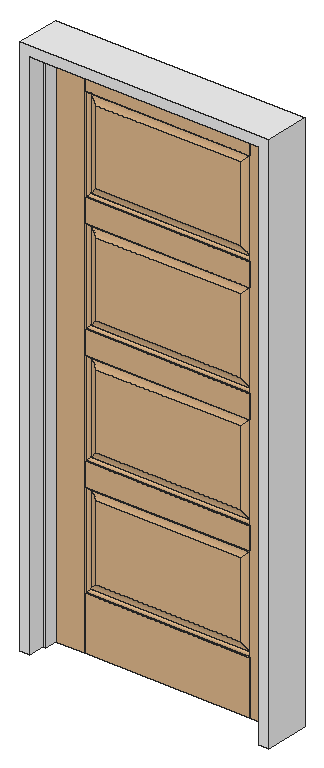
Revit family
Parameters (values of type "1 3/4" Raised Panel")
  URL = "http://www.karonadoor.com"
  Thickness Note = "Do not edit thickness."  # constant formula
  Thickness = 1.774"
  Swing Angle 2D = 90.00°
  SmartBIM Object Version = 1  # constant formula
  SmartBIM Object Created By = "Reed Construction Data"  # constant formula
  Rough Width = 0.000"
  Rough Height = 1.750"
  Panel = Panel_K3040_Karona : 1 3/4" - Raised Panel
  Model = "K3040 Ovolo"  # constant formula
  Manufacturer = "Karona , Inc."  # constant formula
  Detail Door Thickness = 1.750"
  Assembly Code = ""
  Top Rail Height = 5.000"
  Top Rail = Wood, Cherry - Grain Horizontal
  Stile Width = 5.063"
  Stile = Wood, Cherry - Grain Vertical
  Sticking = Wood, Cherry - Grain Vertical
  Middle Rail = Wood, Cherry - Grain Horizontal
  Height = 84.000"
  Wall Closure = (empty or 0)
  Width = 36.000"
  Frame = Metal
  Bottom Rail Height = 8.500"
  Bottom Rail = Wood, Cherry - Grain Horizontal
  95 CSI = "08210"  # constant formula
  04 CSI = "08 14 33"  # constant formula
Types (9): name | Thickness | Rough Height | Panel | Detail Door Thickness
  1 3/4" Flat Panel | 1.774" | 1.750" | Panel_K3040_Karona : 1 3/4" - Flat Panel | 1.750"
  1 3/8" Flat Panel | 1.334" | 0.000" | Panel_K3040_Karona : 1 3/8" - Flat Panel | 1.375"
  2 1/4" Flat Panel | 2.250" | 0.000" | Panel_K3040_Karona : 2 1/4" - Flat Panel | 2.250"
  1 3/4" Glass Panel | 1.774" | 1.750" | Panel_K3040_Karona : 1 3/4" - Glass Panel | 1.750"
  1 3/8" Glass Panel | 1.334" | 0.000" | Panel_K3040_Karona : 1 3/8" - Glass Panel | 1.375"
  2 1/4" Glass Panel | 2.250" | 0.000" | Panel_K3040_Karona : 2 1/4" - Glass | 2.250"
  1 3/4" Raised Panel | 1.774" | 1.750" | Panel_K3040_Karona : 1 3/4" - Raised Panel | 1.750"
  1 3/8" Raised Panel | 1.334" | 0.000" | Panel_K3040_Karona : 1 3/8" - Raised Panel | 1.375"
  2 1/4" Raised Panel | 2.250" | 0.000" | Panel_K3040_Karona : 2 1/4" - Raised Panel | 2.250"
Reference planes (in)
  plane 1 "Center (Front/Back)": y = 0
  plane 2 "Center (Left/Right)": x = 0
  plane 3 "Left": x = -18
  plane 4 "Right": x = 18
  plane 5 "Top": z = 84
  plane 6 "Exterior Edge of Frame": y = 3.5
  plane 7 "Interior Edge of Frame": y = -3.5
  plane 8: y = 1
  plane 9: y = -1
  plane 10 "Opening Left": x = -19.5
  plane 11 "Opening Right": x = 19.5
  plane 12 "Top of Opening": z = 85.5
  plane 13: x = -17.5
Forms (in)
  Sweep 1, solid, material "Metal" <- "Frame"
    path origin (0, 0, 0) x (1, 0, 0) y (0, 0, 1)
      loop
        line (-19.5, 0) -> (-19.5, 85.5) -> (19.5, 85.5) -> (19.5, 0)
    profile origin (-19.5, 0, 42.75) x (-1, 0, 0) y (0, -1, 0)
      loop
        line (0, -3.5) -> (0, 3.5) -> (-1.5, 3.5) -> (-1.5, 1) -> (-2, 1) -> (-2, -1) -> (-1.5, -1) -> (-1.5, -3.5) -> (0, -3.5)
Lines and regions (in)
  Opening 1
    outline origin (-90, -3, 0) x (1, 0, 0) y (0, 0, 1)
      loop
        line (70.5, 0) -> (109.5, 0) -> (109.5, 85.5) -> (70.5, 85.5) -> (70.5, 0)
  symbolic lines, style "Elevation Swing"
    curve 1: line (18, 3, 0) -> (-18, 3, 42)
    curve 2: line (-18, 3, 42) -> (18, 3, 84)
Text (in)
  text "Exterior" at (-46.13199, 20.20143, 0), in view "Ref. Level"
  text "Interior" at (-46.13199, -10.56751, 0), in view "Ref. Level"
  text "Exterior" at (0, 40.15149, 123.01588), in view "Right"
  text "Interior" at (0, -64.39139, 123.01588), in view "Right"
  text "Interior" at (0, -31.01599, 123.00693), in view "Left"
  text "Exterior" at (0, 54.57065, 123.00693), in view "Left"
Dimensions and locks (in)
  "Height": level to plane 5 "Top"
  "Width": plane 3 "Left" to plane 4 "Right"
  equal spacing: host wall, curve 2, plane 5 "Top"
  locked: host wall to plane 7 "Interior Edge of Frame" at 0.5
  locked: plane 6 "Exterior Edge of Frame" to host wall at 0.5
  locked: plane 9 to plane 7 "Interior Edge of Frame" at 2.5
  locked: plane 6 "Exterior Edge of Frame" to plane 8 at 2.5
  equal spacing: plane 3 "Left", plane 2 "Center (Left/Right)", plane 4 "Right"
  locked: plane 4 "Right" to plane 11 "Opening Right" at 1.5
  locked: plane 5 "Top" to plane 12 "Top of Opening" at 1.5
  locked: plane 3 "Left" to plane 13 at 0.5
  locked: plane 10 "Opening Left" to plane 3 "Left" at 1.5
  nested 1 to nested 1 = 1.774"
  aligned and locked: Opening 1 sketch curve to level
  aligned and locked: plane 4 "Right" to curve 1
  aligned and locked: plane 3 "Left" to curve 1
  aligned and locked: plane 5 "Top" to curve 2
  aligned and locked: Opening 1 sketch curve to plane 11 "Opening Right"
  aligned and locked: plane 12 "Top of Opening" to Opening 1 sketch curve
  aligned and locked: Opening 1 sketch curve to plane 10 "Opening Left"
  aligned and locked: plane 10 "Opening Left" to Sweep 1 sketch curve
  aligned and locked: plane 12 "Top of Opening" to Sweep 1 sketch curve
  aligned and locked: plane 11 "Opening Right" to Sweep 1 sketch curve
  aligned and locked: level to Sweep 1 sketch curve  (x2)
  aligned and locked: Sweep 1 sketch curve to plane 10 "Opening Left"
  aligned and locked: Sweep 1 sketch curve to plane 6 "Exterior Edge of Frame"
  aligned and locked: Sweep 1 sketch curve to plane 7 "Interior Edge of Frame"
  aligned and locked: Sweep 1 sketch curve to plane 8
  aligned and locked: Sweep 1 sketch curve to plane 9
  aligned and locked: plane 13 to Sweep 1 sketch curve
  aligned and locked: plane 3 "Left" to Sweep 1 sketch curve  (x2)
  aligned and locked: nested 1 to plane 2 "Center (Left/Right)"
  aligned and locked: nested 1 to plane 8
  aligned and locked: nested 2 to plane 3 "Left"
  aligned and locked: nested 2 to plane 8
  aligned and locked: nested 1 to level
Automatic sketch dimensions
  curve 1 to level = 0.000"
  curve 2 to plane 4 "Right" = 0.000"
Nested families (in)
  nested 1: "Panel_K3040_Karona" at (-13.5, 0.6591, 0) x (-1, 0, 0) z (0, 0, 1), type <- "Panel", type "1 3/4" - Raised Panel"
  nested 2: "Door Panel Plan View" at (-31.5, 1, 0) x (-1, 0, 0) z (0, 0, 1), type "Door Panel Plan View"
    with Thickness 1.750", Height 84.000"
Definition of nested family "Panel_K3040_Karona"
  Parameters (values of type "1 3/4" - Raised Panel")
    Width = 36.000"
    Top Rail Material = Wood, Cherry - Grain Horizontal
    Top Rail Height = 5.000"
    Top Panel Offset = Top Rail Height + Half Panel Height  # 12.45313"
    Thickness Note = "Do not change door thickness"  # constant formula
    Thickness = 1.774"
    Stile Width = 5.063"
    Stile Material = Wood, Cherry - Grain Vertical
    Sticking Material = Wood, Cherry - Grain Vertical
    Panel Width = (Width - (2 * Stile Width))  # 25.874"
    Panel Height = (Height - (Bottom Rail Height + Top Rail Height) - (3 * Mullion Width)) / 4  # 14.90625"
    Panel = Glass-Sticking-Assembly-Ovolo_Karona : Raised Panel
    Mullion Width = 3.625"  # constant formula
    Interior Panel = Wood, Cherry - Grain Vertical
    Height = 84.000"
    Half Panel Width = 0.5 * Panel Width  # 12.937"
    Half Panel Height = 0.5 * Panel Height  # 7.45313"
    Exterior Edge - Glass Bottom Offset = if(Thickness = 1.774", 0.567", if(Thickness = 2.250", 0.803", 0.469"))  # 0.567"
    Door Panel Material = Wood, Cherry - Grain Vertical
    Default Elevation = 0.000"  # constant formula
    Cross Rail and Panel Spacing Start = Half Panel Height + 0.5 * (3.625")  # 9.26562"
    Cross Rail Panel Height = Panel Height + 3.625"  # 18.53125"
    Bottom Rail Material = Wood, Cherry - Grain Horizontal
    Bottom Rail Height = 8.500"
    Assembly Code = ""
  Types (9): name | Thickness | Panel | Interior Panel | Exterior Edge - Glass Bottom Offset
    2 1/4" - Flat Panel | 2.250" | Glass-Sticking-Assembly-Ovolo_Karona : Flat Panel | Wood, Cherry - Grain Vertical | 0.803"
    2 1/4" - Glass | 2.250" | Glass-Sticking-Assembly-Ovolo_Karona : Glass Panel | Glass | 0.803"
    2 1/4" - Raised Panel | 2.250" | Glass-Sticking-Assembly-Ovolo_Karona : Raised Panel | Wood, Cherry - Grain Vertical | 0.803"
    1 3/4" - Raised Panel | 1.774" | Glass-Sticking-Assembly-Ovolo_Karona : Raised Panel | Wood, Cherry - Grain Vertical | 0.567"
    1 3/4" - Flat Panel | 1.774" | Glass-Sticking-Assembly-Ovolo_Karona : Flat Panel | Wood, Cherry - Grain Vertical | 0.567"
    1 3/4" - Glass Panel | 1.774" | Glass-Sticking-Assembly-Ovolo_Karona : Glass Panel | Glass | 0.567"
    1 3/8" - Raised Panel | 1.334" | Glass-Sticking-Assembly-Ovolo_Karona : Raised Panel | Wood, Cherry - Grain Vertical | 0.469"
    1 3/8" - Glass Panel | 1.334" | Glass-Sticking-Assembly-Ovolo_Karona : Glass Panel | Glass | 0.469"
    1 3/8" - Flat Panel | 1.334" | Glass-Sticking-Assembly-Ovolo_Karona : Flat Panel | Wood, Cherry - Grain Vertical | 0.469"
  Reference planes (in)
    plane 1 "Center (Front/Back)": y = 1.2279
    plane 2: z = 0
    plane 3 "Center (Left/Right)": x = -13.5
    plane 4 "Left": x = -31.5
    plane 5: x = 4.5
    plane 6 "Inner Left": x = -26.437
    plane 7 "Inner Right": x = -0.563
    plane 8: z = 8.5
    plane 9 "Bottom Of Top Rail": z = 79
    plane 10 "Top": z = 84
    plane 11 "Interior Edge of Door": y = 2.1149
    plane 12: z = 79
    plane 13 "Exterior Edge of Door": y = 0.3409
    plane 14 "Bottom of Glass": y = 0.9095
    plane 15 "Left Panel Vertical Midline": x = -13.5
    plane 16 "Right Panel Vertical Midline": x = -13.5
    plane 17 "Center of Left Vertical Mullion": x = -13.5
    plane 18 "Center of Right Vertical Mullion": x = -13.5
    plane 19 "Horizontal Midline Panel 2": z = 66.78125
    plane 20 "Horizontal Midline Panel 3": z = 45.5625
    plane 21 "Horizontal Midline Panel 4": z = 41.9375
    plane 22 "Horizontal Midline Panel 5": z = 25.21875
    plane 23 "Cross Rail 3": z = 46
    plane 24 "Cross Rail 4": z = 27.03125
    plane 25 "Cross Rail Bottom": z = 23.40625
    plane 26 "Horizontal Midline Panel 6": z = 15.95313
    plane 27: z = 71.54688
    plane 28 "Cross Rail 2": z = 60.46875
    plane 29 "Cross Rail Top": z = 64.09375
    plane 30: z = 53.01563
    plane 31: z = 34.48437
  Forms (in)
    Extrusion 1, solid, material "Wood, Cherry - Grain Horizontal" <- "Bottom Rail Material"
      sketch origin (0, -101.3125, 0) x (1, 0, 0) y (0, 0, 1)
        loop
          line (-26.437, 0) -> (-0.563, 0) -> (-0.563, 8.5) -> (-26.437, 8.5) -> (-26.437, 0)
      from -101.6534 to -103.4274
    Extrusion 2, solid, material "Wood, Cherry - Grain Vertical" <- "Stile Material"
      sketch origin (0, 1.2279, 0) x (1, 0, 0) y (0, 0, 1)
        loop
          line (-31.5, 84) -> (-31.5, 0) -> (-26.437, 0) -> (-26.437, 84) -> (-31.5, 84)
        loop
          line (-0.563, 0) -> (4.5, 0) -> (4.5, 84) -> (-0.563, 84) -> (-0.563, 0)
      from 0.887 to -0.887
    Extrusion 3, solid, material "Wood, Cherry - Grain Horizontal" <- "Top Rail Material"
      sketch origin (0, 1.2279, 0) x (1, 0, 0) y (0, 0, 1)
        loop
          line (-26.437, 84) -> (-26.437, 79) -> (-0.563, 79) -> (-0.563, 84) -> (-26.437, 84)
      from 0.887 to -0.887
    Extrusion 4, solid, material "Wood, Cherry - Grain Horizontal" <- "Top Rail Material"
      sketch origin (-1.188, 1.9165, 74.562) x (0, 0, -1) y (0, -1, 0)
        loop
          line (10.46825, -0.1984) -> (14.09325, -0.1984) -> (14.09325, 1.5756) -> (10.46825, 1.5756) -> (10.46825, -0.1984)
        loop
          line (51.15575, 1.5756) -> (47.53075, 1.5756) -> (47.53075, -0.1984) -> (51.15575, -0.1984) -> (51.15575, 1.5756)
        loop
          line (28.9995, -0.1984) -> (32.6245, -0.1984) -> (32.6245, 1.5756) -> (28.9995, 1.5756) -> (28.9995, -0.1984)
      from -0.625 to 25.249
  Text (in)
    text "EXTERIOR" at (-34.59289, -1.27941, 0), in view "Ref. Level"
    text "EXTERIOR" at (0, -9.65287, 72.76687), in view "Left"
    text "EXTERIOR" at (0, -33.33473, 96.68074), in view "Right"
  Dimensions and locks (in)
    equal spacing: plane 4 "Left", plane 3 "Center (Left/Right)", plane 5
    "Width": plane 4 "Left" to plane 5
    "Stile Width": plane 4 "Left" to plane 6 "Inner Left"
    "Stile Width": plane 5 to plane 7 "Inner Right"
    "Bottom Rail Height": plane 8 to plane 2
    "Top Rail Height": plane 10 "Top" to plane 9 "Bottom Of Top Rail"
    "Height": plane 10 "Top" to plane 2
    equal spacing: plane 11 "Interior Edge of Door", plane 1 "Center (Front/Back)", plane 13 "Exterior Edge of Door"
    "Thickness": plane 11 "Interior Edge of Door" to plane 13 "Exterior Edge of Door"
    plane 14 "Bottom of Glass" to plane 13 "Exterior Edge of Door" = 0.5686"
    plane 13 "Exterior Edge of Door" to plane 14 "Bottom of Glass" = 0.5686"
    "Half Panel Width": plane 15 "Left Panel Vertical Midline" to plane 6 "Inner Left"
    "Half Panel Width": plane 7 "Inner Right" to plane 16 "Right Panel Vertical Midline"
    equal spacing: plane 3 "Center (Left/Right)", plane 17 "Center of Left Vertical Mullion", plane 15 "Left Panel Vertical Midline"
    equal spacing: plane 16 "Right Panel Vertical Midline", plane 18 "Center of Right Vertical Mullion", plane 3 "Center (Left/Right)"
    "Half Panel Height": plane 26 "Horizontal Midline Panel 6" to plane 8
    "Half Panel Height": plane 31 to plane 24 "Cross Rail 4"
    "Half Panel Height": plane 30 to plane 20 "Horizontal Midline Panel 3"
    "Mullion Width": plane 20 "Horizontal Midline Panel 3" to plane 21 "Horizontal Midline Panel 4"
    "Mullion Width": plane 29 "Cross Rail Top" to plane 28 "Cross Rail 2"
    "Mullion Width": plane 24 "Cross Rail 4" to plane 25 "Cross Rail Bottom"
    "Half Panel Height": plane 27 to plane 29 "Cross Rail Top"
    "Thickness": Extrusion 4 sketch curve to Extrusion 4 sketch curve  (x3)
    "Mullion Width": Extrusion 4 sketch curve to Extrusion 4 sketch curve  (x3)
    "Panel Width": Extrusion 4 to Extrusion 4
    equal spacing: plane 12, plane 27, plane 29 "Cross Rail Top"
    equal spacing: plane 28 "Cross Rail 2", plane 30, plane 20 "Horizontal Midline Panel 3"
    equal spacing: plane 21 "Horizontal Midline Panel 4", plane 31, plane 24 "Cross Rail 4"
    plane 25 "Cross Rail Bottom" to plane 26 "Horizontal Midline Panel 6" to plane 8 = 7.45312", 7.45313"
    equal spacing: plane 19 "Horizontal Midline Panel 2", plane 23 "Cross Rail 3", plane 22 "Horizontal Midline Panel 5"
    equal spacing: plane 24 "Cross Rail 4", plane 22 "Horizontal Midline Panel 5", plane 25 "Cross Rail Bottom"
    aligned and locked: Extrusion 1 to plane 2
    aligned and locked: plane 4 "Left" to Extrusion 2 sketch curve
    aligned and locked: Extrusion 2 sketch curve to plane 10 "Top"
    aligned and locked: Extrusion 2 sketch curve to Extrusion 1  (x3)
    aligned and locked: Extrusion 1 to Extrusion 2 sketch curve
    aligned and locked: plane 10 "Top" to Extrusion 2 sketch curve
    aligned and locked: plane 5 to Extrusion 2 sketch curve
    aligned and locked: Extrusion 2 to Extrusion 3 sketch curve
    aligned and locked: Extrusion 3 sketch curve to Extrusion 2
    aligned and locked: plane 12 to plane 9 "Bottom Of Top Rail"
    aligned and locked: level to plane 2
    aligned and locked: Extrusion 3 to plane 12  (x2)
    aligned and locked: Extrusion 1 to Extrusion 2
    aligned and locked: nested 1 to plane 16 "Right Panel Vertical Midline"
    aligned and locked: plane 16 "Right Panel Vertical Midline" to nested 4
    aligned and locked: plane 16 "Right Panel Vertical Midline" to nested 3
    aligned and locked: plane 16 "Right Panel Vertical Midline" to nested 2
    aligned and locked: plane 8 to Extrusion 1  (x2)
    aligned and locked: nested 1 to plane 1 "Center (Front/Back)"
    aligned and locked: nested 2 to plane 1 "Center (Front/Back)"
    aligned and locked: nested 3 to plane 1 "Center (Front/Back)"
    aligned and locked: plane 11 "Interior Edge of Door" to Extrusion 3
    aligned and locked: Extrusion 3 to plane 13 "Exterior Edge of Door"
    aligned and locked: Extrusion 2 to plane 13 "Exterior Edge of Door"
    aligned and locked: plane 11 "Interior Edge of Door" to Extrusion 2
    aligned and locked: plane 29 "Cross Rail Top" to Extrusion 4 sketch curve
    aligned and locked: Extrusion 4 sketch curve to plane 13 "Exterior Edge of Door"
    aligned and locked: Extrusion 4 sketch curve to plane 21 "Horizontal Midline Panel 4"
    aligned and locked: Extrusion 4 sketch curve to plane 25 "Cross Rail Bottom"
    aligned and locked: Extrusion 4 to plane 6 "Inner Left"
    aligned and locked: plane 7 "Inner Right" to Extrusion 4
    aligned and locked: plane 28 "Cross Rail 2" to Extrusion 4
    aligned and locked: Extrusion 1 to plane 13 "Exterior Edge of Door"
    aligned and locked: plane 11 "Interior Edge of Door" to Extrusion 1
    aligned and locked: plane 27 to nested 4
    aligned and locked: plane 30 to nested 2
    aligned and locked: plane 31 to nested 3
    aligned and locked: plane 26 "Horizontal Midline Panel 6" to nested 1
    aligned and locked: plane 3 "Center (Left/Right)" to nested 4
    aligned and locked: plane 3 "Center (Left/Right)" to nested 2
    aligned and locked: plane 3 "Center (Left/Right)" to nested 3
    aligned and locked: plane 3 "Center (Left/Right)" to nested 1
    aligned and locked: plane 3 "Center (Left/Right)" to plane 18 "Center of Right Vertical Mullion"
    aligned and locked: plane 3 "Center (Left/Right)" to plane 17 "Center of Left Vertical Mullion"
    aligned and locked: plane 3 "Center (Left/Right)" to plane 16 "Right Panel Vertical Midline"
  Automatic sketch dimensions
    Extrusion 1 sketch curve to plane 6 "Inner Left" = 0.000"
    Extrusion 1 sketch curve to plane 7 "Inner Right" = 0.000"
    Extrusion 1 sketch curve to level = 0.000"
    Extrusion 1 sketch curve to plane 8 = 0.000"
    Extrusion 3 sketch curve to plane 7 "Inner Right" = 0.000"
    plane 9 "Bottom Of Top Rail" to Extrusion 3 sketch curve = 0.000"
    Extrusion 4 sketch curve to Extrusion 4 sketch curve = 0.000"  (x2)
  Nested families (in)
    nested 1: "Glass-Sticking-Assembly-Ovolo_Karona" at (-13.96875, 1.3784, 8.5), Width <- "Panel Width", Height <- "Panel Height", type <- "Panel", type "Raised Panel"
      with Width 25.874", Height 14.90625", Stop Adjustment 0.513", Door Thickness 1.774", C 0.197", B 0.567", A 0.195"
    nested 2: "Glass-Sticking-Assembly-Ovolo_Karona" at (-13.96875, 1.3784, 45.5625), Width <- "Panel Width", Height <- "Panel Height", type <- "Panel", type "Raised Panel"
      with Width 25.874", Height 14.90625", Stop Adjustment 0.513", Door Thickness 1.774", C 0.197", B 0.567", A 0.195"
    nested 3: "Glass-Sticking-Assembly-Ovolo_Karona" at (-13.96875, 1.3784, 27.03125), Width <- "Panel Width", Height <- "Panel Height", type <- "Panel", type "Raised Panel"
      with Width 25.874", Height 14.90625", Stop Adjustment 0.513", Door Thickness 1.774", C 0.197", B 0.567", A 0.195"
    nested 4: "Glass-Sticking-Assembly-Ovolo_Karona" at (-13.96875, 1.38, 64.09375), Width <- "Panel Width", Height <- "Panel Height", type <- "Panel", type "Raised Panel"
      with Width 25.874", Height 14.90625", Stop Adjustment 0.513", Door Thickness 1.774", C 0.197", B 0.567", A 0.195"
  Definition of nested family "Glass-Sticking-Assembly-Ovolo_Karona"
    Parameters (values of type "Raised Panel")
      Width [instance] = 4.000"
      Vertical Profile Offset = if(Glass Panel, 0.473", 0.050")  # 0.050"
      Stop Adjustment = if(and(not(Glass Panel), Door Thickness = 1.774"), 0.513", if(and(not(Glass Panel), Door Thickness = 2.250"), 0.513", if((Glass Panel), 0.125", 0.273")))  # 0.273"
      Profile = Wood, Cherry - Grain Vertical
      Height [instance] = 23.000"
      Raised Panel = yes
      Interior Panel = Wood, Cherry - Grain Vertical
      Glass Panel = no
      Door Thickness = 1.334"
      C = if(Door Thickness = 1.774", 0.197", if(Door Thickness = 2.250", 0.437", 0.106"))  # 0.106"
      B = if(Door Thickness = 1.774", 0.567", if(Door Thickness = 2.250", 0.803", 0.469"))  # 0.469"
      Assembly Code = ""
      A = if(Door Thickness = 1.774", 0.195", if(Door Thickness = 2.250", 0.431", 0.108"))  # 0.108"
    Types (3): name | Width | Vertical Profile Offset | Stop Adjustment | Raised Panel | Glass Panel | Door Thickness | C | B | A
      Glass Panel | 5.000" | 0.473" | 0.125" | no | yes | 2.250" | 0.437" | 0.803" | 0.431"
      Flat Panel | 4.500" | 0.050" | 0.513" | no | no | 2.250" | 0.437" | 0.803" | 0.431"
      Raised Panel | 4.000" | 0.050" | 0.273" | yes | no | 1.334" | 0.106" | 0.469" | 0.108"
    Reference planes (in)
      plane 1 "Stop Adjustment Edge": y = -0.3455
      plane 2: z = 0
      plane 3 "Center (Left/Right)": x = 0.46875
      plane 4 "Back": y = 0.3945
      plane 5 "Front": y = -0.9395
      plane 6 "Left": x = -1.53125
      plane 7 "Right": x = 2.46875
      plane 8 "Top": z = 23
      plane 9 "Center (Up/Down)": z = 11.5
      plane 10 "Bottom of Stop": y = -0.0725
      plane 11 "Bottom of Glass": y = -0.4705
      plane 12 "Right Edge of Glass": x = 2.41875
      plane 13 "Left Edge of Glass": x = -1.48125
      plane 14 "Top Edge of Glass": z = 22.90625
      plane 15 "Bottom Edge of Glass": z = 0.09375
      plane 16: x = 2.34375
      plane 17 "A": y = -0.8315
      plane 18 "C": y = 0.2885
      plane 19 "Bottom Cut Line": z = 0.438
      plane 20 "Top Cut Line": z = 22.562
      plane 21 "Cut Vertical Left": x = -1.09325
      plane 22 "Cut Vertical": x = 2.03075
      plane 23 "Center (Front/Back)": y = -0.2725
    Forms (in)
      Sweep 1, solid, material "Wood, Cherry - Grain Vertical" <- "Profile"
        path origin (0, -0.3455, 0) x (1, 0, 0) y (0, 0, 1)
          loop
            line (2.46875, 23) -> (-1.53125, 23) -> (-1.53125, 0) -> (2.46875, 0) -> (2.46875, 23)
        profile origin (2.46875, -0.3455, 11.5) x (0, -1, 0) y (1, 0, 0)
          loop
            line (-0.634, 0) -> (-0.634, -0.438) -> (-0.273, -0.438) -> (-0.273, -0.05) -> (0.125, -0.05) -> (0.125, -0.44588)
            arc (0.125, -0.44588) -> (0.40126, -0.29929) -> (0.492, 0) r 0.40707
            line (0.492, 0) -> (-0.634, 0)
      Extrusion 2, solid, material "Wood, Cherry - Grain Vertical" <- "Interior Panel"
        sketch origin (0, 0, 0) x (1, 0, 0) y (0, 1, 0)
          loop
            line (-1.48125, -0.0725) -> (-1.48125, -0.4705) -> (2.41875, -0.4705) -> (2.41875, -0.0725) -> (-1.48125, -0.0725)
        from 0.09375 to 22.90625
      Extrusion 3, solid, material "Wood, Cherry - Grain Vertical" <- "Profile", visible <- "Raised Panel"
        sketch origin (0, 0, 0) x (1, 0, 0) y (0, 1, 0)
          loop
            line (2.03075, 0.2885) -> (-1.09325, 0.2885) -> (-1.09325, -0.0725) -> (2.03075, -0.0725) -> (2.03075, 0.2885)
          loop
            line (-1.09325, -0.4705) -> (-1.09325, -0.8315) -> (2.03075, -0.8315) -> (2.03075, -0.4705) -> (-1.09325, -0.4705)
        from 0.438 to 22.562
      Sweep 4, void
        path origin (0, -0.0725, 0) x (-1, 0, 0) y (0, 0, 1)
          loop
            line (1.53125, 0) -> (1.53125, 23) -> (-2.46875, 23) -> (-2.46875, 0) -> (1.53125, 0)
        profile "Profile : 05" origin (-1.53125, -0.0725, 11.5) x (1, 0, 0) y (0, 1, 0)
          loop
            line (0, 0.05) -> (0.36169, 0.05096)
            arc (0.36169, 0.05096) -> (1.01257, 0.13642) -> (1.61934, 0.387) r 2.52143
            line (1.61934, 0.387) -> (0, 0.387) -> (0, 0.05)
      Sweep 5, void
        path origin (0, -0.4705, 0) x (-1, 0, 0) y (0, 0, 1)
          loop
            line (-2.46875, 23) -> (-2.46875, 0) -> (1.53125, 0) -> (1.53125, 23) -> (-2.46875, 23)
        profile "Profile : 05" origin (2.46875, -0.4705, 11.5) x (-1, 0, 0) y (0, 1, 0)
          loop
            line (0, -0.05) -> (0, -0.387) -> (1.61934, -0.387)
            arc (1.61934, -0.387) -> (1.01257, -0.13642) -> (0.36169, -0.05096) r 2.52143
            line (0.36169, -0.05096) -> (0, -0.05)
      Sweep 6, void
        path origin (0, 0.2885, 0) x (1, 0, 0) y (0, 0, 1)
          loop
            line (-1.09325, 0.438) -> (2.03075, 0.438) -> (2.03075, 22.562) -> (-1.09325, 22.562) -> (-1.09325, 0.438)
        profile "QuarterCircleCut : QuarterCircleCut" origin (2.03075, 0.2885, 11.5) x (-1, 0, 0) y (0, -1, 0)
          loop
            arc (0.35, 0) -> (0.10251, 0.10251) -> (0, 0.35) r 0.35
            line (0, 0.35) -> (0, 0) -> (0.35, 0)
    Cuts and joins
      Sweep 4, Sweep 5 cuts Extrusion 3
      Sweep 6 cuts Sweep 1
    Text (in)
      text "INTERIOR" at (-14.3788, 3.49864, 0), in view "Ref. Level"
    Dimensions and locks (in)
      equal spacing: plane 6 "Left", plane 3 "Center (Left/Right)", plane 7 "Right"
      "Width": plane 6 "Left" to plane 7 "Right"
      "Door Thickness": plane 4 "Back" to plane 5 "Front"
      "Height": plane 8 "Top" to plane 2
      equal spacing: plane 8 "Top", plane 9 "Center (Up/Down)", level
      locked: plane 1 "Stop Adjustment Edge" to plane 11 "Bottom of Glass" at 0.125
      "Stop Adjustment": plane 10 "Bottom of Stop" to plane 1 "Stop Adjustment Edge"
      locked: plane 12 "Right Edge of Glass" to plane 7 "Right" at 0.05
      locked: plane 8 "Top" to plane 14 "Top Edge of Glass" at 0.09375
      locked: plane 15 "Bottom Edge of Glass" to level at 0.09375
      locked: plane 6 "Left" to plane 13 "Left Edge of Glass" at 0.05
      "B": plane 5 "Front" to plane 11 "Bottom of Glass"
      locked: plane 16 to plane 7 "Right" at 0.125
      "A": plane 5 "Front" to plane 17 "A"
      "C": plane 18 "C" to plane 4 "Back"
      plane 4 "Back" to Sweep 1 = 0.467"
      locked: plane 19 "Bottom Cut Line" to level at 0.438
      locked: plane 8 "Top" to plane 20 "Top Cut Line" at 0.438
      locked: plane 6 "Left" to plane 21 "Cut Vertical Left" at 0.438
      locked: plane 22 "Cut Vertical" to plane 7 "Right" at 0.438
      equal spacing: plane 4 "Back", plane 23 "Center (Front/Back)", plane 5 "Front"
      aligned and locked: Sweep 1 sketch curve to plane 7 "Right"
      aligned and locked: Sweep 1 sketch curve to plane 8 "Top"
      aligned and locked: Sweep 1 sketch curve to plane 6 "Left"
      aligned and locked: Sweep 1 sketch curve to level
      aligned and locked: plane 10 "Bottom of Stop" to Sweep 1 sketch curve
      aligned and locked: plane 11 "Bottom of Glass" to Sweep 1 sketch curve
      aligned and locked: Extrusion 2 sketch curve to plane 13 "Left Edge of Glass"
      aligned and locked: Extrusion 2 sketch curve to plane 10 "Bottom of Stop"
      aligned and locked: Extrusion 2 sketch curve to plane 11 "Bottom of Glass"
      aligned and locked: Extrusion 2 sketch curve to plane 12 "Right Edge of Glass"
      aligned and locked: plane 14 "Top Edge of Glass" to Extrusion 2
      aligned and locked: Extrusion 2 to plane 15 "Bottom Edge of Glass"
      aligned and locked: Extrusion 3 sketch curve to plane 18 "C"
      aligned and locked: Extrusion 3 sketch curve to plane 10 "Bottom of Stop"
      aligned and locked: Extrusion 3 sketch curve to plane 11 "Bottom of Glass"
      aligned and locked: Extrusion 3 sketch curve to plane 17 "A"
      aligned and locked: Extrusion 3 to plane 19 "Bottom Cut Line"
      aligned and locked: Extrusion 3 to plane 20 "Top Cut Line"
      aligned and locked: plane 12 "Right Edge of Glass" to Sweep 1 sketch curve
      aligned and locked: plane 22 "Cut Vertical" to Extrusion 3 sketch curve  (x2)
      aligned and locked: Extrusion 3 sketch curve to plane 21 "Cut Vertical Left"  (x2)
      aligned and locked: plane 22 "Cut Vertical" to Sweep 1 sketch curve
      aligned and locked: Sweep 5 sketch curve to plane 6 "Left"
      aligned and locked: plane 8 "Top" to Sweep 5 sketch curve
      aligned and locked: Sweep 5 sketch curve to plane 7 "Right"
      aligned and locked: level to Sweep 5 sketch curve
      aligned and locked: Sweep 4 sketch curve to plane 7 "Right"
      aligned and locked: plane 8 "Top" to Sweep 4 sketch curve
      aligned and locked: Sweep 4 sketch curve to plane 6 "Left"
      aligned and locked: level to Sweep 4 sketch curve
      aligned and locked: plane 18 "C" to Sweep 1 sketch curve
      aligned and locked: Sweep 6 sketch curve to plane 21 "Cut Vertical Left"
      aligned and locked: plane 22 "Cut Vertical" to Sweep 6 sketch curve
      aligned and locked: Sweep 6 sketch curve to plane 19 "Bottom Cut Line"
      aligned and locked: plane 20 "Top Cut Line" to Sweep 6 sketch curve
    Automatic sketch dimensions
      Sweep 1 sketch curve to Sweep 1 sketch curve = 0.03804"
      Sweep 1 sketch curve to Sweep 1 sketch curve = 0.367"
      plane 16 to Sweep 1 sketch curve = 0.32088"
      Sweep 1 sketch curve to profile plane = 0.000"
Definition of nested family "Door Panel Plan View"
  Parameters (values of type "Door Panel Plan View")
    Width = 36.000"
    Thickness = 2.000"
    Swing Angle 2D = 90.00°
    Height = 0.000"
    Assembly Code = ""
  Reference planes (in)
    plane 1 "Center (Front/Back)": y = 0
    plane 2: z = 0
    plane 3 "Center (Left/Right)": x = -13.5
  Lines and regions (in)
    symbolic lines, style "DoorsPanelProjection"
      curve 1: line (-13.5, 0, 0) -> (-13.5, 36, 0)
      curve 2: line (-15.5, 0, 0) -> (-15.5, 36, 0)
      curve 3: line (-13.5, 0, 0) -> (-15.5, 0, 0)
      curve 4: line (-13.5, 36, 0) -> (-15.5, 36, 0)
    symbolic lines, style "Plan Swing"
      curve 5: arc (-13.5, 36, 0) -> (-38.95584, 25.45584, 0) -> (-49.5, 0, 0) r 36
  Dimensions and locks (in)
    "Width": curve 4 to curve 3
    "Thickness": curve 1 to curve 2
    "Swing Angle 2D": angle curve 1 to plane 1 "Center (Front/Back)"
    aligned and locked: plane 1 "Center (Front/Back)" to curve 5
  Automatic sketch dimensions
    curve 3 to plane 1 "Center (Front/Back)" = 0.000"
    curve 5 to plane 3 "Center (Left/Right)" = 0.000"
    curve 3 to plane 3 "Center (Left/Right)" = 0.000"
